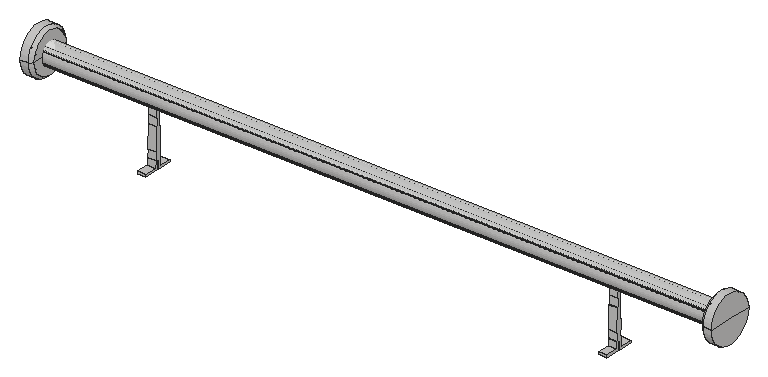
Revit family "Lighting-Luminii-Kenda_Closet_Rod new", category Lighting Fixtures, host Face, Revit 2020
Family settings
  Host = Face
  Round Connector Dimension = Use Diameter
  Part Type = Normal
  OmniClass Number = 23.80.70.11.14.11
  OmniClass Title = Downlights
  Cut with Voids When Loaded = No
  Light Source = Yes
  Shared = Yes
  Room Calculation Point = No
Parameters (values of type "Kenda Closet Rod")
  Width = 0' - 2"  # constant formula
  Wattage Comments = "4.8 W/ft"
  Wattage = 4.8 W
  Warranty URL = "https://www.luminii.com/terms-conditions/"
  built-in parameter 1150110 = 1 (stored number, unit not read)
  Voltage Comments = "120VAC - 277VAC"  # constant formula
  Voltage = 120 V
  Version = "2020 - v1.0a"  # constant formula
  URL = "https://www.luminii.com/"
  built-in parameter 1114217 = 1 (stored number, unit not read)
  Tilt Angle = -90.00°  # constant formula
  built-in parameter 1150109 = 1 (stored number, unit not read)
  built-in parameter 1150134 = (empty or 0)
  built-in parameter 1150113 = 1 (stored number, unit not read)
  Support Phone = "224-699-9545"  # constant formula
  Support Email = "mailto:support@bimsmith.com"
  Right Endcap [instance] = yes
  Product Page URL = "Consult Manufacturer Website for more Information"
  Power Source Type = "Driver"  # constant formula
  Power Factor = 1
  Photometric Web File = "KENDO CLOSET ROD - TEAVA  - CLEAR - LL72-VHO-30K_IES.IES"
  Phase = 1
  Operating Temperature = "Consult Manufacturer Website for more Information"  # constant formula
  Number of Poles = if(and(or(Voltage = 120 V, Voltage = 277 V), Phase = 1), 1, if(and(or(Voltage = 208 V, Voltage = 240 V), Phase = 1), 2, if(and(or(Voltage = 208 V, Voltage = 240 V), Phase = 3), 3, if(and(Voltage > 300 V, Phase = 1), 2, if(and(Voltage > 400 V, Phase = 3), 3, 1)))))  # 1
  Number of Clips [instance] = if(Constraints < 2, 2, Constraints)  # 2
  Mounting Method = "Mounting Options Include: End Mounting, Stem Mounting"  # constant formula
  Model = "KCR"  # constant formula
  Manufacturer Phone Number = "403-216-7043"  # constant formula
  Manufacturer Email = "mailto: info@sensolighting.com"
  Manufacturer Address = "302 50 Ave SE. Calgary, Alberta, T2G 2A9 Canada"  # constant formula
  Manufacturer = "Luminii"  # constant formula
  built-in parameter 1150105 = 350.4 (stored number, unit not read)
  Lumens = 350.4 lm
  Luminaire Type = "Linear Illumination System"  # constant formula
  built-in parameter 1150115 = 1 (stored number, unit not read)
  Load Classification = Lighting
  built-in parameter 1150137 = (empty or 0)
  built-in parameter 1150139 = (empty or 0)
  Lens Material = Plastic - Luminii - Frosted Lens
  Length [instance] = if(Desired Length < 1' 0", 1' 0", if(Desired Length > 6' 4", 6' 4", (round(Desired Length / 0' 2")) * 0' 2"))  # 2' - 6"
  Left Endcap [instance] = yes
  built-in parameter 1150112 = 1 (stored number, unit not read)
  built-in parameter 1150114 = 1 (stored number, unit not read)
  Lamp Life = 1
  Lamp = "LED"  # constant formula
  Keynote = "26 50 00"
  built-in parameter 1150132 = (empty or 0)
  built-in parameter 1150102 = (empty or 0)
  built-in parameter 1150107 = 3000 (stored number, unit not read)
  Initial Color Comments = "Perfomance based on 3000K Photometric Web File"  # constant formula
  built-in parameter 1150138 = (empty or 0)
  built-in parameter 1150106 = 3.504 (stored number, unit not read)
  Housing Protection Rating = "Consult Manufacturer Website for more Information"  # constant formula
  Height = 0' - 3 115/256"  # constant formula
  Has Dimming = 1 = 1  # yes
  Has Battery Backup = 0 = 1  # no
  Frequency Comments = ""  # constant formula
  Frequency = 60 Hz
  Finish = Metal - Luminii - Silver Anodized Aluminum
  Environment = "Indoor"  # constant formula
  Emit from Line Length = 2' - 0"
  built-in parameter 1150104 = 6.7819 (stored number, unit not read)
  Dimming Type = "Consult Manufacturer Website for more Information"  # constant formula
  Dimming Lamp Color Temperature Shift = <None>
  Diameter = 0' - 2"  # constant formula
  Desired Length [instance] = 2' - 6"
  Description = "Linear Illumination System"  # constant formula
  Default Elevation = 0' - 0"  # constant formula
  Current Amps = 50 A
  Copyright = "©2024 Luminii"  # constant formula
  Control Zone = "Consult Manufacturer Website for more Information"  # constant formula
  Control Type = "Consult Manufacturer Website for more Information"  # constant formula
  Constraints [instance] = Length / 1' 8"  # 2
  Color Filter = 16777215
  built-in parameter 1114216 [instance] = 0  # (empty or 0)
  built-in parameter 1140040 [instance] = 1 = 1  # 1
  CCT = "3000K"
  C Array Start [instance] = if(Length < 2' 6", Length / 2, (Length - (C Array Spacing * (Number of Clips - 1))) / 2)  # 0' - 5"
  C Array Spacing = 1' - 8"  # constant formula
  built-in parameter 1114218 = 1 (stored number, unit not read)
  built-in parameter 1150133 = 10 (stored number, unit not read)
  Assembly Code = "D5040.50"
  Array Single [instance] = if(Length < 2' 6", 1 = 1, 1 = 0)  # no
  Array Multi [instance] = if(Length < 2' 6", 1 = 0, 1 = 1)  # yes
  Apparent Load = Wattage / Power Factor  # 4.8 VA
Reference planes (in)
  plane 1 "Center (Front/Back)": y = 0
  plane 2: z = 0
  plane 3 "Center (Left/Right)": x = 0
  plane 4: x = 0
  plane 5: x = 0
  plane 6: y = 1
  plane 7: y = -1
  plane 8: x = -15
  plane 9: x = 15
  plane 10: x = 10
  plane 11: x = -10
  plane 12 "C": z = 2.9
  plane 13 "D": z = 3.375
  plane 14 "E": z = 3.9
  plane 15 "F": z = 1.9
Forms (in)
  Extrusion 1, solid, material "Metal - Luminii - Silver Anodized Aluminum", not visible
    sketch origin (0, 0, 0) x (1, 0, 0) y (0, 1, 0)
      loop
        circle (0, 0) r 0.03125
    from 0 to 0.13183
Dimensions and locks (in)
  equal spacing: plane 4, plane 3 "Center (Left/Right)", plane 5
  equal spacing: plane 6, plane 1 "Center (Front/Back)", plane 7
  plane 4 to plane 5 = 0' - 0"
  "Width": plane 6 to plane 7
  equal spacing: plane 8, plane 3 "Center (Left/Right)", plane 9
  "Length": plane 8 to plane 9
  locked: Extrusion 1 to plane 2 at 0.13183
  "C Array Start": plane 10 to plane 9
  "C Array Spacing": plane 11 to plane 10
  group 2 to group 1 = 1' - 8"
  group 1 to group 2 = 0' - 0"  (x2)
  locked: plane 12 "C" to plane 13 "D" at 0.475
  locked: plane 2 to plane 12 "C" at 2.9
  equal spacing: plane 14 "E", plane 12 "C", plane 15 "F"
  "Diameter": plane 14 "E" to plane 15 "F"
  aligned and locked: plane 2 to host face
  aligned and locked: plane 3 "Center (Left/Right)" to Extrusion 1 sketch curve
  aligned and locked: Extrusion 1 to level
  aligned and locked: plane 1 "Center (Front/Back)" to imposter light
  aligned and locked: imposter light to plane 3 "Center (Left/Right)"
  aligned and locked: plane 1 "Center (Front/Back)" to Extrusion 1 sketch curve
  aligned and locked: plane 5 to nested 1
  aligned and locked: plane 10 to nested 2
  aligned and locked: plane 1 "Center (Front/Back)" to nested 2
  aligned and locked: plane 11 to nested 3
  aligned and locked: plane 1 "Center (Front/Back)" to nested 3
  aligned and locked: plane 1 "Center (Front/Back)" to nested 4
  aligned and locked: plane 10 to nested 4
  aligned and locked: imposter light to plane 13 "D"
Automatic sketch dimensions
  host sketch curve to host sketch curve = 8' - 0"  (x2)
  radius of Extrusion 1 sketch curve = 0' - 0 1/32"
Nested families (in)
  nested 1: "Nested Lamp" at (0, 0, 2.9), type "Nested Lamp"
    with Length 2' - 6"
  nested 2: "Clip" at (10, 0, 0), visible <- "Array Multi", type "Clip"
  nested 3: "Clip" at (-10, 0, 0), visible <- "Array Multi", type "Clip"
  nested 4: "Clip" at (10, 0, 0), visible <- "Array Single", type "Clip"
Connectors (in)
  electrical at (0, 0, 0), driven by "Number of Poles", driven by "Load Classification", driven by "Voltage", driven by "Apparent Load", driven by "Power Factor"
    settings: on Extrusion 1, index 1, voltage 120 V, apparent load 4.8 VA, apparent load phase1 0 VA, apparent load phase2 0 VA, apparent load phase3 0 VA, power factor 1, load classification "Lighting", number of poles 1, system type 30, power factor state 1, is connector primary yes, connector utility no, sub classification motor no, connector description "Power Connection"
Definition of nested family "Nested Lamp"
  Parameters (values of type "Nested Lamp")
    Right Cap = yes
    Lens = none
    Length = 2' - 0"
    Left Cap = yes
    Finish = none
    Default Elevation = 4' - 0"
    C Right Endcap = if(Right Cap, 0' 0 1/2", 0' 0")  # 0' - 0 1/2"
    C Left Endcap = if(Left Cap, 0' 0 1/2", 0' 0")  # 0' - 0 1/2"
  Reference planes (in)
    plane 1 "Center (Front/Back)": y = 0
    plane 2: z = 0
    plane 3 "Center (Left/Right)": x = 0
    plane 4: x = -11.5
    plane 5: x = 11.5
    plane 6: x = 12
    plane 7: x = -12
    plane 8: x = 0.1875
    plane 9: x = -0.1875
  Forms (in)
    Extrusion 1, solid
      sketch origin (0, 0, 0) x (1, 0, 0) y (0, 1, 0)
        loop
          line (-48, 48) -> (-48, -48) -> (48, -48) -> (48, 48) -> (-48, 48)
      from 0 to -12
    Sweep 2, solid, material <- "Finish", detail levels medium+fine
      path origin (0, 0, 0) x (1, 0, 0) y (0, 1, 0)
        loop
          line (-11.5, 0) -> (11.5, 0)
      profile origin (0, 0, 0) x (0, 1, 0) y (0, 0, 1)
        loop
          arc (0.42887, -0.20419) -> (0.47484, 0.01246) -> (0.41758, 0.22639) r 0.475
          line (0.41758, 0.22639) -> (0.32756, 0.17759) -> (0.29939, 0.22639) -> (0.32842, 0.24315)
          arc (0.32842, 0.24315) -> (0.30798, 0.26066) -> (0.28122, 0.25785) r 0.03402
          line (0.28122, 0.25785) -> (0.2426, 0.23555) -> (0.2426, 0.20115) -> (0.2796, 0.20115) -> (0.2796, 0.13115) -> (0.2426, 0.13115) -> (0.2426, 0.08115) -> (0.2796, 0.08115) -> (0.2796, 0.01115) -> (0.2426, 0.01115) -> (0.2426, -0.07385) -> (-0.2426, -0.07385) -> (-0.2426, 0.01115) -> (-0.2796, 0.01115) -> (-0.2796, 0.08115) -> (-0.2426, 0.08115) -> (-0.2426, 0.13115) -> (-0.2796, 0.13115) -> (-0.2796, 0.20115) -> (-0.2426, 0.20115) -> (-0.2426, 0.23555) -> (-0.28122, 0.25785)
          arc (-0.28122, 0.25785) -> (-0.30798, 0.26066) -> (-0.32842, 0.24315) r 0.03402
          line (-0.32842, 0.24315) -> (-0.29939, 0.22639) -> (-0.32756, 0.17759) -> (-0.41758, 0.22639)
          arc (-0.41758, 0.22639) -> (-0.47484, 0.01246) -> (-0.42887, -0.20419) r 0.475
          line (-0.42887, -0.20419) -> (-0.35182, -0.12714) -> (-0.32046, -0.1585) -> (-0.40695, -0.24499)
          arc (-0.40695, -0.24499) -> (-0.39754, -0.25998) -> (-0.38757, -0.27461) r 0.475
          line (-0.38757, -0.27461) -> (-0.30738, -0.19441) -> (-0.27485, -0.22694) -> (-0.35898, -0.31106)
          arc (-0.35898, -0.31106) -> (-0.34795, -0.32335) -> (-0.3365, -0.33525) r 0.475
          line (-0.3365, -0.33525) -> (-0.25463, -0.25339) -> (-0.2221, -0.28591) -> (-0.30245, -0.36626)
          arc (-0.30245, -0.36626) -> (-0.28943, -0.37663) -> (-0.27606, -0.38654) r 0.475
          line (-0.27606, -0.38654) -> (-0.1937, -0.30418) -> (-0.16117, -0.33671) -> (-0.23644, -0.41197)
          arc (-0.23644, -0.41197) -> (-0.13719, -0.45476) -> (-0.03084, -0.474) r 0.475
          line (-0.03084, -0.474) -> (-0.03084, -0.36585) -> (-0.09681, -0.36585) -> (-0.09681, -0.31885) -> (0.09681, -0.31885) -> (0.09681, -0.36585) -> (0.03084, -0.36585) -> (0.03084, -0.474)
          arc (0.03084, -0.474) -> (0.13719, -0.45476) -> (0.23644, -0.41197) r 0.475
          line (0.23644, -0.41197) -> (0.16117, -0.33671) -> (0.1937, -0.30418) -> (0.27606, -0.38654)
          arc (0.27606, -0.38654) -> (0.28943, -0.37663) -> (0.30245, -0.36626) r 0.475
          line (0.30245, -0.36626) -> (0.2221, -0.28591) -> (0.25463, -0.25339) -> (0.3365, -0.33525)
          arc (0.3365, -0.33525) -> (0.34795, -0.32335) -> (0.35898, -0.31106) r 0.475
          line (0.35898, -0.31106) -> (0.27485, -0.22694) -> (0.30738, -0.19441) -> (0.38757, -0.27461)
          arc (0.38757, -0.27461) -> (0.39754, -0.25998) -> (0.40695, -0.24499) r 0.475
          line (0.40695, -0.24499) -> (0.32046, -0.1585) -> (0.35182, -0.12714) -> (0.42887, -0.20419)
    Sweep 3, solid, material <- "Lens", detail levels medium+fine
      path origin (0, 0, 0) x (1, 0, 0) y (0, 1, 0)
        loop
          line (-11.5, 0) -> (11.5, 0)
      profile origin (0, 0, 0) x (0, 1, 0) y (0, 0, 1)
        loop
          arc (0.40354, 0.22729) -> (-0.00202, 0.47501) -> (-0.40942, 0.23033) r 0.45865
          line (-0.40942, 0.23033) -> (-0.35263, 0.20092)
          arc (-0.35263, 0.20092) -> (-0.33039, 0.20748) -> (-0.32109, 0.22872) r 0.02748
          arc (-0.32109, 0.22872) -> (-0.33263, 0.26504) -> (-0.2963, 0.27658) r 0.02695
          line (-0.2963, 0.27658) -> (-0.25455, 0.25496)
          arc (-0.25455, 0.25496) -> (-0.23062, 0.26337) -> (-0.23145, 0.28872) r 0.02145
          line (-0.23145, 0.28872) -> (-0.26401, 0.3304)
          arc (-0.26401, 0.3304) -> (-0.00079, 0.42422) -> (0.26104, 0.32661) r 0.40787
          line (0.26104, 0.32661) -> (0.23145, 0.28872)
          arc (0.23145, 0.28872) -> (0.23062, 0.26337) -> (0.25455, 0.25496) r 0.02145
          line (0.25455, 0.25496) -> (0.2963, 0.27658)
          arc (0.2963, 0.27658) -> (0.33263, 0.26504) -> (0.32109, 0.22872) r 0.02695
          arc (0.32109, 0.22872) -> (0.33039, 0.20748) -> (0.35263, 0.20092) r 0.02748
          line (0.35263, 0.20092) -> (0.40354, 0.22729)
    Sweep 4, solid, material <- "Finish", detail levels coarse
      path origin (0, 0, 0) x (1, 0, 0) y (0, 1, 0)
        loop
          line (-11.5, 0) -> (11.5, 0)
      profile origin (0, 0, 0) x (0, 1, 0) y (0, 0, 1)
        loop
          arc (-0.41896, 0.22383) -> (0, -0.475) -> (0.41896, 0.22383) r 0.475
          line (0.41896, 0.22383) -> (-0.41896, 0.22383)
    Sweep 5, solid, material <- "Lens", detail levels coarse
      path origin (0, 0, 0) x (1, 0, 0) y (0, 1, 0)
        loop
          line (-11.5, 0) -> (11.5, 0)
      profile origin (0, 0, 0) x (0, 1, 0) y (0, 0, 1)
        loop
          arc (0.41896, 0.22383) -> (0, 0.475) -> (-0.41896, 0.22383) r 0.475
          line (-0.41896, 0.22383) -> (0.41896, 0.22383)
    Revolve 6, solid, material <- "Finish", visible <- "Right Cap"
      sketch origin (0, 0, 0) x (1, 0, 0) y (0, 1, 0)
        loop
          line (12, 1) -> (11.65043, 1) -> (11.5, 0.8701) -> (11.5, 0) -> (12, 0) -> (12, 1)
        axis (12, 0) -> (11.5, 0)
      angle from 0 to 360
    Revolve 7, solid, material <- "Finish", visible <- "Left Cap"
      sketch origin (0, 0, 0) x (-1, 0, 0) y (0, 1, 0)
        loop
          line (12, 1) -> (11.65043, 1) -> (11.5, 0.8701) -> (11.5, 0) -> (12, 0) -> (12, 1)
        axis (12, 0) -> (11.5, 0)
      angle from 0 to 360
  Dimensions and locks (in)
    "Length": plane 7 to plane 6
    "C Left Endcap": plane 7 to plane 4
    "C Right Endcap": plane 5 to plane 6
    equal spacing: plane 7, plane 3 "Center (Left/Right)", plane 6
    plane 9 to plane 3 "Center (Left/Right)" to plane 8 = 0' - 0 3/16" locked, 0' - 0 3/16" locked
    Revolve 6 sketch curve to Revolve 6 sketch curve to plane 6 = 0' - 0.15043" locked, 0' - 0.34957" locked
    Revolve 7 sketch curve to Revolve 7 sketch curve to plane 7 = 0' - 0.15043" locked, 0' - 0.34957" locked
    locked: Revolve 6 sketch curve to plane 6 at 2.5
    locked: plane 7 to Revolve 7 sketch curve at 1
    aligned and locked: plane 2 to Extrusion 1
    aligned and locked: level to Extrusion 1
    aligned and locked: plane 4 to Sweep 2 sketch curve
    aligned and locked: plane 1 "Center (Front/Back)" to Sweep 2 sketch curve
    aligned and locked: plane 5 to Sweep 2 sketch curve
    aligned and locked: plane 5 to Sweep 3 sketch curve
    aligned and locked: plane 4 to Sweep 3 sketch curve
    aligned and locked: plane 1 "Center (Front/Back)" to Sweep 3 sketch curve
    aligned and locked: plane 6 to Revolve 6 sketch curve  (x2)
    aligned and locked: Revolve 6 sketch curve to plane 1 "Center (Front/Back)"  (x2)
    aligned and locked: Revolve 6 sketch curve to plane 6
    aligned and locked: plane 1 "Center (Front/Back)" to Revolve 7 sketch curve
    aligned and locked: plane 7 to Revolve 7 sketch curve  (x2)
    aligned and locked: Revolve 7 sketch curve to plane 1 "Center (Front/Back)"
  Automatic sketch dimensions
    Extrusion 1 sketch curve to Extrusion 1 sketch curve = 8' - 0"  (x2)
    Sweep 2 sketch curve to Sweep 2 sketch curve = 0' - 0"  (x94)
    Sweep 2 sketch curve to level = 0' - 0"
    Sweep 2 sketch curve to profile plane = 0' - 0"
    profile plane to Sweep 2 sketch curve = 0' - 0.03084"
    Sweep 2 sketch curve to Sweep 2 sketch curve = 0' - 0.06597"  (x2)
    Sweep 2 sketch curve to Sweep 2 sketch curve = 0' - 0.06436"  (x2)
    Sweep 2 sketch curve to Sweep 2 sketch curve = 0' - 0.03253"  (x6)
    Sweep 2 sketch curve to Sweep 2 sketch curve = 0' - 0.0284"  (x2)
    Sweep 2 sketch curve to Sweep 2 sketch curve = 0' - 0.07526"  (x2)
    profile plane to Sweep 2 sketch curve = 0' - 0.2426"
    level to Sweep 2 sketch curve = 0' - 0.01115"  (x2)
    Sweep 2 sketch curve to Sweep 2 sketch curve = 0' - 0.02022"  (x2)
    Sweep 2 sketch curve to Sweep 2 sketch curve = 0' - 0.03962"  (x2)
    Sweep 2 sketch curve to Sweep 2 sketch curve = 0' - 0.037"  (x4)
    Sweep 2 sketch curve to Sweep 2 sketch curve = 0' - 0.03863"  (x2)
    Sweep 2 sketch curve to Sweep 2 sketch curve = 0' - 0.01827"  (x2)
    Sweep 2 sketch curve to Sweep 2 sketch curve = 0' - 0.00152"  (x2)
    Sweep 2 sketch curve to Sweep 2 sketch curve = 0' - 0.02639"  (x2)
    Sweep 2 sketch curve to level = 0' - 0.19441"  (x2)
    Sweep 2 sketch curve to Sweep 2 sketch curve = 0' - 0.01308"  (x2)
    Sweep 2 sketch curve to Sweep 2 sketch curve = 0' - 0.04797"  (x2)
    Sweep 2 sketch curve to Sweep 2 sketch curve = 0' - 0.02903"  (x2)
    Sweep 2 sketch curve to Sweep 2 sketch curve = 0' - 0.03405"  (x2)
    Sweep 2 sketch curve to level = 0' - 0.12714"  (x2)
    Sweep 2 sketch curve to Sweep 2 sketch curve = 0' - 0.03136"  (x2)
    Sweep 2 sketch curve to Sweep 2 sketch curve = 0' - 0.02248"  (x2)
    Sweep 2 sketch curve to Sweep 2 sketch curve = 0' - 0.0286"  (x2)
    Sweep 2 sketch curve to level = 0' - 0.24499"  (x2)
    Sweep 2 sketch curve to Sweep 2 sketch curve = 0' - 0.01937"  (x2)
    Sweep 2 sketch curve to Sweep 2 sketch curve = 0' - 0.08916"  (x2)
    Sweep 2 sketch curve to level = 0' - 0.20419"  (x2)
    Sweep 2 sketch curve to profile plane = 0' - 0.03084"
    Sweep 2 sketch curve to profile plane = 0' - 0.2426"
    Sweep 2 sketch curve to Sweep 2 sketch curve = 0' - 0.10977"  (x2)
    Sweep 2 sketch curve to Sweep 2 sketch curve = 0' - 0.02915"  (x2)
    Sweep 2 sketch curve to Sweep 2 sketch curve = 0' - 0.03101"  (x2)
    Sweep 2 sketch curve to Sweep 2 sketch curve = 0' - 0.047"
    Sweep 2 sketch curve to level = 0' - 0.07385"
    Sweep 2 sketch curve to Sweep 2 sketch curve = 0' - 0.07"  (x3)
    Sweep 2 sketch curve to Sweep 2 sketch curve = 0' - 0.05"  (x2)
    Sweep 2 sketch curve to Sweep 2 sketch curve = 0' - 0.04644"  (x2)
    Sweep 2 sketch curve to Sweep 2 sketch curve = 0' - 0.02356"
    Sweep 2 sketch curve to Sweep 2 sketch curve = 0' - 0.02524"  (x2)
    Sweep 2 sketch curve to Sweep 2 sketch curve = 0' - 0.00179"  (x2)
    Sweep 2 sketch curve to Sweep 2 sketch curve = 0' - 0.0344"  (x2)
    Sweep 3 sketch curve to Sweep 3 sketch curve = 0' - 0"  (x2)
    profile plane to Sweep 3 sketch curve = 0' - 0.40942"
    Sweep 3 sketch curve to Sweep 3 sketch curve = 0' - 0.05679"
    Sweep 3 sketch curve to Sweep 3 sketch curve = 0' - 0.00407"  (x2)
    Sweep 3 sketch curve to Sweep 3 sketch curve = 0' - 0.03987"  (x2)
    Sweep 3 sketch curve to Sweep 3 sketch curve = 0' - 0.01239"  (x2)
    Sweep 3 sketch curve to Sweep 3 sketch curve = 0' - 0.03229"
    Sweep 3 sketch curve to Sweep 3 sketch curve = 0' - 0.04175"  (x2)
    Sweep 3 sketch curve to Sweep 3 sketch curve = 0' - 0.00622"  (x2)
    Sweep 3 sketch curve to Sweep 3 sketch curve = 0' - 0.01688"  (x2)
    profile plane to Sweep 3 sketch curve = 0' - 0.00374"
    Sweep 3 sketch curve to profile plane = 0' - 0.23145"
    Sweep 3 sketch curve to Sweep 3 sketch curve = 0' - 0.0296"
    level to Sweep 3 sketch curve = 0' - 0.20092"
    level to Sweep 3 sketch curve = 0' - 0.22729"
    Sweep 3 sketch curve to Sweep 3 sketch curve = 0' - 0.05498"
    level to Sweep 3 sketch curve = 0' - 0.01636"
    Sweep 3 sketch curve to Sweep 3 sketch curve = 0' - 0.02941"
    Sweep 3 sketch curve to Sweep 3 sketch curve = 0' - 0.02718"  (x2)
    Sweep 3 sketch curve to Sweep 3 sketch curve = 0' - 0.02455"  (x2)
    Sweep 3 sketch curve to Sweep 3 sketch curve = 0' - 0.00231"  (x2)
    Sweep 3 sketch curve to Sweep 3 sketch curve = 0' - 0.02053"  (x2)
    Sweep 3 sketch curve to Sweep 3 sketch curve = 0' - 0.02393"  (x2)
    Sweep 3 sketch curve to Sweep 3 sketch curve = 0' - 0.03788"
    plane 1 "Center (Front/Back)" to Sweep 4 sketch curve = 0' - 0"
    Sweep 4 sketch curve to plane 4 = 0' - 0"
    Sweep 4 sketch curve to plane 5 = 0' - 0"
    Sweep 4 sketch curve to level = 0' - 0"
    Sweep 4 sketch curve to profile plane = 0' - 0"
    profile plane to Sweep 4 sketch curve = 0' - 0.41896"
    level to Sweep 4 sketch curve = 0' - 0.22383"
    plane 1 "Center (Front/Back)" to Sweep 5 sketch curve = 0' - 0"
    Sweep 5 sketch curve to plane 4 = 0' - 0"
    Sweep 5 sketch curve to plane 5 = 0' - 0"
    Sweep 5 sketch curve to level = 0' - 0"
    Sweep 5 sketch curve to profile plane = 0' - 0"
    profile plane to Sweep 5 sketch curve = 0' - 0.41896"
    level to Sweep 5 sketch curve = 0' - 0.22383"
    Revolve 6 sketch curve to Revolve 6 sketch curve = 0' - 0.8701"
    Revolve 6 sketch curve to Revolve 6 sketch curve = 0' - 0.1299"
    Revolve 7 sketch curve to plane 7 = 0' - 0"
    Revolve 7 sketch curve to Revolve 7 sketch curve = 0' - 0.8701"
    Revolve 7 sketch curve to Revolve 7 sketch curve = 0' - 0.1299"
Definition of nested family "Clip"
  Parameters (values of type "Clip")
    Length = 2' - 0"
    Finish = none
    Default Elevation = 4' - 0"
  Reference planes (in)
    plane 1 "Center (Front/Back)": y = 0
    plane 2: z = 0
    plane 3 "Center (Left/Right)": x = 0
    plane 4: x = 0.1875
    plane 5: x = -0.1875
  Forms (in)
    Extrusion 1, solid
      sketch origin (0, 0, 0) x (1, 0, 0) y (0, 1, 0)
        loop
          line (-48, 48) -> (-48, -48) -> (48, -48) -> (48, 48) -> (-48, 48)
      from 0 to -12
    Extrusion 2, solid, material <- "Finish"
      sketch origin (0, 0, 0) x (0, 1, 0) y (0, 0, 1)
        loop
          line (-0.65, 0) -> (-0.05404, 0) -> (-0.05404, 0.34894) -> (0.05404, 0.34894) -> (0.05404, 0) -> (0.65, 0) -> (0.65, 0.09042) -> (0.1113, 0.09042) -> (0.10221, 0.37163) -> (0.07096, 0.37163) -> (0.05917, 0.73646) -> (0.09823, 0.73646) -> (0.06774, 1.67999) -> (0.03649, 1.67999) -> (0.0247, 2.04482) -> (0.05595, 2.04482) -> (0.03262, 2.53511) -> (0.08919, 2.53511) -> (0.08919, 2.57806) -> (-0.08919, 2.57806) -> (-0.08919, 2.53511) -> (-0.03262, 2.53511) -> (-0.05595, 2.04482) -> (-0.0247, 2.04482) -> (-0.03649, 1.67999) -> (-0.06774, 1.67999) -> (-0.09823, 0.73646) -> (-0.05917, 0.73646) -> (-0.07096, 0.37163) -> (-0.10221, 0.37163) -> (-0.1113, 0.09042) -> (-0.65, 0.09042) -> (-0.65, 0)
      from -0.1875 to 0.1875
  Dimensions and locks (in)
    plane 5 to plane 3 "Center (Left/Right)" to plane 4 = 0' - 0 3/16" locked, 0' - 0 3/16" locked
    aligned and locked: plane 2 to Extrusion 1
    aligned and locked: level to Extrusion 1
    aligned and locked: Extrusion 2 to plane 5
    aligned and locked: Extrusion 2 to plane 4
